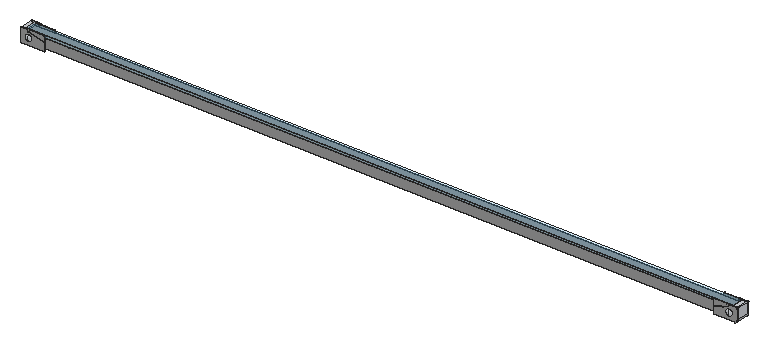
Revit family "LLED9150-F-4RF", category Lighting Fixtures, Revit 2017
Family settings
  Round Connector Dimension = Use Diameter
  Part Type = Normal
  OmniClass Number = 23.80.70.00
  OmniClass Title = Lighting
  Work Plane-Based = Yes
  Always vertical = Yes
  Cut with Voids When Loaded = No
  Light Source = No
  Shared = No
  Room Calculation Point = No
Parameters
  L = 24.000"
  Fixture cap = fixture cap
  Fixture = fixture
  Default Elevation = 2.60039"
  Bulb = Glass
Reference planes (in)
  plane 1 "Light Source Axis (F/B)": y = 0
  plane 2: z = 0
  plane 3 "Light Source Axis (L/R)": x = 0
  plane 4 "Light Source Elevation": z = 54
  plane 5: z = 0
  plane 6: x = 12
  plane 7: z = -0.46
  plane 8: y = -0.23
  plane 9: y = 0.23
  plane 10: z = -0.39
  plane 11: y = -0.195
  plane 12: y = 0.195
  plane 13: z = -0.23
  plane 14: x = -12
  plane 15: x = -11.19664
  plane 16: x = -11.85
  plane 17: x = 11.19664
  plane 18: x = 11.85
Forms (in)
  Revolve 1, solid, not visible
    sketch origin (-0.00118, 0, 6.68102) x (1, 0, 0) y (0, 0, 1)
      loop
        line (0, 1.27453) -> (0.22, 1.27453) -> (0.22, 1.98615) -> (0, 1.98615) -> (0, 1.27453)
      axis (0, 1.98615) -> (0, 1.27453)
    angle from 0 to 360
  Extrusion 2, solid, material "fixture cap" <- "Fixture cap", not visible
    sketch origin (-0.00118, -0.05736, 6.68102) x (1, 0, 0) y (0, 0, 1)
      loop
        line (0, 1.6939) -> (0.66, 1.6939) -> (0.66, 1.98615) -> (0, 1.98615) -> (-0.66, 1.98615) -> (-0.66, 1.6939) -> (0, 1.6939)
    from -0.23545 to 0.11965
  Extrusion 3, void, not visible
    sketch origin (-0.00118, 0, 6.68102) x (1, 0, 0) y (0, 0, 1)
      loop
        arc (-0.66, 1.6939) -> (-0.58698, 1.88163) -> (-0.41477, 1.98615) r 0.31341
        line (-0.41477, 1.98615) -> (-0.66, 1.98615) -> (-0.66, 1.6939)
      loop
        line (0.66, 1.6939) -> (0.66, 1.98615) -> (0.41477, 1.98615)
        arc (0.41477, 1.98615) -> (0.58698, 1.88163) -> (0.66, 1.6939) r 0.31341
    from -0.17809 to 0.17701
  Blend 4, solid, not visible
    base sketch origin (-0.00118, 0, 7.13918) x (1, 0, 0) y (0, 1, 0)
      loop
        circle (0, 0) r 0.57599
    top sketch origin (-0.00118, 0, 7.13918) x (1, 0, 0) y (0, 1, 0)
      loop
        circle (0, 0) r 0.42
    from -0.52219 to 0.72781
  Blend 5, solid, not visible
    base sketch origin (-0.00118, 0, 6.68102) x (1, 0, 0) y (0, 1, 0)
      loop
        circle (0, 0) r 0.42
    top sketch origin (-0.00118, 0, 6.68102) x (1, 0, 0) y (0, 1, 0)
      loop
        circle (0, 0) r 0.22
    from 1.18597 to 1.27148
  Extrusion 6, void, not visible
    sketch origin (0.0069, 0, 6.93102) x (1, 0, 0) y (0, 1, 0)
      loop
        arc (-0.54002, 0.08041) -> (-0.58407, 0) -> (-0.54002, -0.08041) r 0.09541
        line (-0.54002, -0.08041) -> (-0.19879, -0.08041)
        arc (-0.19879, -0.08041) -> (-0.00676, -0.19306) -> (0.18528, -0.08041) r 0.22
        line (0.18528, -0.08041) -> (0.54002, -0.08041)
        arc (0.54002, -0.08041) -> (0.58407, 0) -> (0.54002, 0.08041) r 0.09541
        line (0.54002, 0.08041) -> (0.18542, 0.08041)
        arc (0.18542, 0.08041) -> (-0.00739, 0.19447) -> (-0.2002, 0.08041) r 0.22
        line (-0.2002, 0.08041) -> (-0.54002, 0.08041)
    from 1.43764 to 1.77364
  Revolve 7, solid, not visible
    sketch origin (-0.00118, 0, 4.43877) x (1, 0, 0) y (0, 0, 1)
      loop
        line (0, 2.17822) -> (0, 1.78225) -> (0.66857, 1.78225) -> (0.49227, 2.17822) -> (0, 2.17822)
      axis (0, 2.17822) -> (0, 1.78225)
    angle from 0 to 360
  Revolve 8, solid, not visible
    sketch origin (-0.00118, 0, 6.68102) x (1, 0, 0) y (0, 0, -1)
      loop
        line (0, -1.27453) -> (0, -1.98615) -> (0.22, -1.98615) -> (0.22, -1.27453) -> (0, -1.27453)
      axis (0, -1.98615) -> (0, -1.27453)
    angle from 0 to 360
  Extrusion 9, solid, material "fixture cap" <- "Fixture cap", not visible
    sketch origin (-0.00118, 0.05736, 6.68102) x (1, 0, 0) y (0, 0, -1)
      loop
        line (0, -0.68597) -> (-0.66, -0.68597) -> (-0.66, -1.98615) -> (0, -1.98615) -> (0.66, -1.98615) -> (0.66, -0.68597) -> (0, -0.68597)
    from -0.23545 to 0.11965
  Extrusion 10, void, not visible
    sketch origin (-0.00118, 0, 6.68102) x (1, 0, 0) y (0, 0, -1)
      loop
        line (-0.66, -1.6939) -> (-0.66, -1.98615) -> (-0.41477, -1.98615)
        arc (-0.41477, -1.98615) -> (-0.58698, -1.88163) -> (-0.66, -1.6939) r 0.31341
      loop
        arc (0.66, -1.6939) -> (0.58698, -1.88163) -> (0.41477, -1.98615) r 0.31341
        line (0.41477, -1.98615) -> (0.66, -1.98615) -> (0.66, -1.6939)
    from -0.17809 to 0.17701
  Blend 11, solid, not visible
    base sketch origin (-0.00118, 0, 6.68102) x (1, 0, 0) y (0, 1, 0)
      loop
        circle (0, 0) r 0.42
    top sketch origin (-0.00118, 0, 6.68102) x (1, 0, 0) y (0, 1, 0)
      loop
        circle (0, 0) r 0.22
    from 1.18597 to 1.27148
  Extrusion 12, void, not visible
    sketch origin (0.0069, 0, 6.93102) x (1, 0, 0) y (0, 1, 0)
      loop
        line (-0.54002, -0.08041) -> (-0.2002, -0.08041)
        arc (-0.2002, -0.08041) -> (-0.00739, -0.19447) -> (0.18542, -0.08041) r 0.22
        line (0.18542, -0.08041) -> (0.54002, -0.08041)
        arc (0.54002, -0.08041) -> (0.58407, 0) -> (0.54002, 0.08041) r 0.09541
        line (0.54002, 0.08041) -> (0.18528, 0.08041)
        arc (0.18528, 0.08041) -> (-0.00676, 0.19306) -> (-0.19879, 0.08041) r 0.22
        line (-0.19879, 0.08041) -> (-0.54002, 0.08041)
        arc (-0.54002, 0.08041) -> (-0.58407, 0) -> (-0.54002, -0.08041) r 0.09541
    from 1.43764 to 1.77364
  Extrusion 13, void, not visible
    sketch origin (-0.00118, 0, 6.83727) x (1, 0, 0) y (0, 0, -1)
      loop
        line (-0.50265, -1.4876) -> (-0.3469, -1.4876)
        arc (-0.3469, -1.4876) -> (-0.42478, -1.34712) -> (-0.50265, -1.4876) r 0.09183
      loop
        arc (0.50265, -1.4876) -> (0.42478, -1.34712) -> (0.3469, -1.4876) r 0.09183
        line (0.3469, -1.4876) -> (0.50265, -1.4876)
    from -0.22339 to 0.22501
  Extrusion 14, solid, not visible
    sketch origin (-0.00049, 0, 6.93102) x (1, 0, 0) y (0, 1, 0)
      loop
        line (-0.03443, 0) -> (-0.03443, -0.08951)
        arc (-0.03443, -0.08951) -> (-0.02214, -0.11039) -> (0, -0.12025) r 0.03974
        arc (0, -0.12025) -> (0.02214, -0.11039) -> (0.03443, -0.08951) r 0.03974
        line (0.03443, -0.08951) -> (0.03443, 0) -> (0.03443, 0.08951)
        arc (0.03443, 0.08951) -> (0.02214, 0.11039) -> (0, 0.12025) r 0.03974
        arc (0, 0.12025) -> (-0.02214, 0.11039) -> (-0.03443, 0.08951) r 0.03974
        line (-0.03443, 0.08951) -> (-0.03443, 0)
    from 1.43764 to 1.50249
  Extrusion 15, solid, material "fixture" <- "Fixture"
    sketch origin (-12, -1.25685, 0.38236) x (0, 0, 1) y (0, -1, 0)
      loop
        line (-0.77236, -1.45185) -> (-0.45846, -1.45185) -> (-0.45846, -1.06185) -> (-0.77236, -1.06185) -> (-0.77236, -1.45185)
    from 0.15 to 23.85
  Extrusion 16, solid, material "fixture cap" <- "Fixture cap"
    sketch origin (12.15, 0.195, -0.0368) x (0, 0, -1) y (-1, 0, 0)
      loop
        line (0.33713, 24.15) -> (-0.01665, 24.15)
        arc (-0.01665, 24.15) -> (-0.0309, 24.1441) -> (-0.0368, 24.12985) r 0.02015
        line (-0.0368, 24.12985) -> (-0.0368, 23.91358)
        arc (-0.0368, 23.91358) -> (-0.02841, 23.89332) -> (-0.00815, 23.88493) r 0.02866
        line (-0.00815, 23.88493) -> (0.02494, 23.88493) -> (0.16918, 23.34664) -> (0.4232, 23.34664) -> (0.4232, 24.06393)
        arc (0.4232, 24.06393) -> (0.39799, 24.12479) -> (0.33713, 24.15) r 0.08607
    from 0 to 0.035
  Extrusion 17, solid, material "fixture cap" <- "Fixture cap"
    sketch origin (12.15, -0.195, -0.0368) x (0, 0, -1) y (1, 0, 0)
      loop
        arc (0.33713, -24.15) -> (0.39799, -24.12479) -> (0.4232, -24.06393) r 0.08607
        line (0.4232, -24.06393) -> (0.4232, -23.34664) -> (0.16918, -23.34664) -> (0.02494, -23.88493) -> (-0.00815, -23.88493)
        arc (-0.00815, -23.88493) -> (-0.02841, -23.89332) -> (-0.0368, -23.91358) r 0.02866
        line (-0.0368, -23.91358) -> (-0.0368, -24.12985)
        arc (-0.0368, -24.12985) -> (-0.0309, -24.1441) -> (-0.01665, -24.15) r 0.02015
        line (-0.01665, -24.15) -> (0.33713, -24.15)
    from 0 to 0.035
  Extrusion 18, solid, material "fixture cap" <- "Fixture cap"
    sketch origin (12.16507, 0.195, 0.05565) x (0, 0, -1) y (-1, 0, 0)
      loop
        line (0.26163, 23.36171) -> (0.12086, 23.88708) -> (0.07887, 23.88708)
        arc (0.07887, 23.88708) -> (0.06394, 23.8809) -> (0.05775, 23.86596) r 0.02112
        line (0.05775, 23.86596) -> (0.05775, 23.38687)
        arc (0.05775, 23.38687) -> (0.06512, 23.36908) -> (0.08291, 23.36171) r 0.02516
        line (0.08291, 23.36171) -> (0.26163, 23.36171)
    from 0 to 0.01906
  Extrusion 19, solid, material "fixture cap" <- "Fixture cap"
    sketch origin (12.16507, -0.195, 0.05565) x (0, 0, -1) y (1, 0, 0)
      loop
        line (0.26163, -23.36171) -> (0.08291, -23.36171)
        arc (0.08291, -23.36171) -> (0.06512, -23.36908) -> (0.05775, -23.38687) r 0.02516
        line (0.05775, -23.38687) -> (0.05775, -23.86596)
        arc (0.05775, -23.86596) -> (0.06394, -23.8809) -> (0.07887, -23.88708) r 0.02112
        line (0.07887, -23.88708) -> (0.12086, -23.88708) -> (0.26163, -23.36171)
    from 0 to 0.01906
  Extrusion 20, solid, material "fixture cap" <- "Fixture cap"
    sketch origin (12.15, -0.195, -0.0368) x (0, 0, -1) y (1, 0, 0)
      loop
        arc (0.33713, -24.15) -> (0.39799, -24.12479) -> (0.4232, -24.06393) r 0.08607
        line (0.4232, -24.06393) -> (0.4232, -23.34664) -> (0.16918, -23.34664) -> (0.02494, -23.88493) -> (-0.00815, -23.88493)
        arc (-0.00815, -23.88493) -> (-0.02841, -23.89332) -> (-0.0368, -23.91358) r 0.02866
        line (-0.0368, -23.91358) -> (-0.0368, -24.12985)
        arc (-0.0368, -24.12985) -> (-0.0309, -24.1441) -> (-0.01665, -24.15) r 0.02015
        line (-0.01665, -24.15) -> (0.33713, -24.15)
    from 0 to 0.035
  Revolve 21, solid
    sketch origin (-11.72644, 0, -0.00412) x (0, 1, 0) y (0, 0, 1)
      loop
        line (0.23, -0.23) -> (0.26093, -0.23)
        arc (0.26093, -0.23) -> (0.24973, -0.18056) -> (0.23, -0.13386) r 0.28661
        line (0.23, -0.13386) -> (0.23, -0.23)
      axis (0.23, -0.23) -> (0.26937, -0.23)
    angle from 0 to 360
  Extrusion 22, solid, material "fixture cap" <- "Fixture cap", not visible
    sketch origin (-12, -1.25685, -0.83517) x (0, 0, -1) y (0, -1, 0)
      loop
        line (-0.83517, -1.06185) -> (-0.83517, -1.45185) -> (-0.37517, -1.45185) -> (-0.37517, -1.06185) -> (-0.83517, -1.06185)
    from 0 to 0.15
  Extrusion 23, solid, material "fixture cap" <- "Fixture cap", not visible
    sketch origin (12, 0.195, -0.0368) x (0, 0, -1) y (-1, 0, 0)
      loop
        line (0.33713, 24.15) -> (-0.01665, 24.15)
        arc (-0.01665, 24.15) -> (-0.0309, 24.1441) -> (-0.0368, 24.12985) r 0.02015
        line (-0.0368, 24.12985) -> (-0.0368, 23.91358)
        arc (-0.0368, 23.91358) -> (-0.02841, 23.89332) -> (-0.00815, 23.88493) r 0.02866
        line (-0.00815, 23.88493) -> (0.02494, 23.88493) -> (0.16918, 23.34664) -> (0.4232, 23.34664) -> (0.4232, 24.06393)
        arc (0.4232, 24.06393) -> (0.39799, 24.12479) -> (0.33713, 24.15) r 0.08607
    from 0 to 0.035
  Extrusion 24, solid, material "fixture cap" <- "Fixture cap", not visible
    sketch origin (12, -0.195, -0.0368) x (0, 0, -1) y (1, 0, 0)
      loop
        arc (0.33713, -24.15) -> (0.39799, -24.12479) -> (0.4232, -24.06393) r 0.08607
        line (0.4232, -24.06393) -> (0.4232, -23.34664) -> (0.16918, -23.34664) -> (0.02494, -23.88493) -> (-0.00815, -23.88493)
        arc (-0.00815, -23.88493) -> (-0.02841, -23.89332) -> (-0.0368, -23.91358) r 0.02866
        line (-0.0368, -23.91358) -> (-0.0368, -24.12985)
        arc (-0.0368, -24.12985) -> (-0.0309, -24.1441) -> (-0.01665, -24.15) r 0.02015
        line (-0.01665, -24.15) -> (0.33713, -24.15)
    from 0 to 0.035
  Extrusion 25, solid, material "fixture cap" <- "Fixture cap", not visible
    sketch origin (12.01507, 0.195, 0.05565) x (0, 0, -1) y (-1, 0, 0)
      loop
        line (0.26163, 23.36171) -> (0.12086, 23.88708) -> (0.07887, 23.88708)
        arc (0.07887, 23.88708) -> (0.06394, 23.8809) -> (0.05775, 23.86596) r 0.02112
        line (0.05775, 23.86596) -> (0.05775, 23.38687)
        arc (0.05775, 23.38687) -> (0.06512, 23.36908) -> (0.08291, 23.36171) r 0.02516
        line (0.08291, 23.36171) -> (0.26163, 23.36171)
    from 0 to 0.01906
  Extrusion 26, solid, material "fixture cap" <- "Fixture cap", not visible
    sketch origin (12.01507, -0.195, 0.05565) x (0, 0, -1) y (1, 0, 0)
      loop
        line (0.26163, -23.36171) -> (0.08291, -23.36171)
        arc (0.08291, -23.36171) -> (0.06512, -23.36908) -> (0.05775, -23.38687) r 0.02516
        line (0.05775, -23.38687) -> (0.05775, -23.86596)
        arc (0.05775, -23.86596) -> (0.06394, -23.8809) -> (0.07887, -23.88708) r 0.02112
        line (0.07887, -23.88708) -> (0.12086, -23.88708) -> (0.26163, -23.36171)
    from 0 to 0.01906
  Extrusion 27, solid, material "fixture cap" <- "Fixture cap", not visible
    sketch origin (12, -0.195, -0.0368) x (0, 0, -1) y (1, 0, 0)
      loop
        arc (0.33713, -24.15) -> (0.39799, -24.12479) -> (0.4232, -24.06393) r 0.08607
        line (0.4232, -24.06393) -> (0.4232, -23.34664) -> (0.16918, -23.34664) -> (0.02494, -23.88493) -> (-0.00815, -23.88493)
        arc (-0.00815, -23.88493) -> (-0.02841, -23.89332) -> (-0.0368, -23.91358) r 0.02866
        line (-0.0368, -23.91358) -> (-0.0368, -24.12985)
        arc (-0.0368, -24.12985) -> (-0.0309, -24.1441) -> (-0.01665, -24.15) r 0.02015
        line (-0.01665, -24.15) -> (0.33713, -24.15)
    from 0 to 0.035
  Extrusion 28, void, not visible
    sketch origin (0, 0, 0) x (-1, 0, 0) y (0, 0, -1)
      loop
        arc (12.06393, 0.46) -> (12.12479, 0.43479) -> (12.15, 0.37393) r 0.08607
        line (12.15, 0.37393) -> (12.15, 0.46) -> (12.06393, 0.46)
    from -0.23 to 0.23
  Extrusion 29, void, not visible
    sketch origin (0, 0, 0) x (1, 0, 0) y (0, 0, 1)
      loop
        line (12.06393, -0.46) -> (12.15, -0.46) -> (12.15, -0.37393)
        arc (12.15, -0.37393) -> (12.12479, -0.43479) -> (12.06393, -0.46) r 0.08607
    from -0.23 to 0.23
  Revolve 30, solid, not visible
    sketch origin (-11.87644, 0, -0.00412) x (0, 1, 0) y (0, 0, 1)
      loop
        line (0.23, -0.23) -> (0.26093, -0.23)
        arc (0.26093, -0.23) -> (0.24973, -0.18056) -> (0.23, -0.13386) r 0.28661
        line (0.23, -0.13386) -> (0.23, -0.23)
      axis (0.23, -0.23) -> (0.26937, -0.23)
    angle from 0 to 360
  Revolve 31, solid
    sketch origin (-11.72644, 0, -0.00412) x (0, -1, 0) y (0, 0, -1)
      loop
        line (0.23, 0.23) -> (0.23, 0.13386)
        arc (0.23, 0.13386) -> (0.24973, 0.18056) -> (0.26093, 0.23) r 0.28661
        line (0.26093, 0.23) -> (0.23, 0.23)
      axis (0.23, 0.23) -> (0.26937, 0.23)
    angle from 0 to 360
  Revolve 32, solid, not visible
    sketch origin (-11.87644, 0, -0.00412) x (0, -1, 0) y (0, 0, -1)
      loop
        line (0.23, 0.23) -> (0.23, 0.13386)
        arc (0.23, 0.13386) -> (0.24973, 0.18056) -> (0.26093, 0.23) r 0.28661
        line (0.26093, 0.23) -> (0.23, 0.23)
      axis (0.23, 0.23) -> (0.26937, 0.23)
    angle from 0 to 360
  Extrusion 33, solid, material "fixture cap" <- "Fixture cap", not visible
    sketch origin (12, -1.25685, -0.83517) x (0, 0, -1) y (0, 1, 0)
      loop
        line (-0.83517, 1.02685) -> (-0.37517, 1.02685) -> (-0.37517, 1.48685) -> (-0.83517, 1.48685) -> (-0.83517, 1.02685)
    from 0 to 0.15
  Extrusion 34, solid, material "fixture cap" <- "Fixture cap", not visible
    sketch origin (-12, -0.195, -0.0368) x (0, 0, -1) y (1, 0, 0)
      loop
        line (0.33713, 24.15) -> (-0.01665, 24.15)
        arc (-0.01665, 24.15) -> (-0.0309, 24.1441) -> (-0.0368, 24.12985) r 0.02015
        line (-0.0368, 24.12985) -> (-0.0368, 23.91358)
        arc (-0.0368, 23.91358) -> (-0.02841, 23.89332) -> (-0.00815, 23.88493) r 0.02866
        line (-0.00815, 23.88493) -> (0.02494, 23.88493) -> (0.16918, 23.34664) -> (0.4232, 23.34664) -> (0.4232, 24.06393)
        arc (0.4232, 24.06393) -> (0.39799, 24.12479) -> (0.33713, 24.15) r 0.08607
    from 0 to 0.035
  Extrusion 35, solid, material "fixture cap" <- "Fixture cap", not visible
    sketch origin (-12, 0.195, -0.0368) x (0, 0, -1) y (-1, 0, 0)
      loop
        arc (0.33713, -24.15) -> (0.39799, -24.12479) -> (0.4232, -24.06393) r 0.08607
        line (0.4232, -24.06393) -> (0.4232, -23.34664) -> (0.16918, -23.34664) -> (0.02494, -23.88493) -> (-0.00815, -23.88493)
        arc (-0.00815, -23.88493) -> (-0.02841, -23.89332) -> (-0.0368, -23.91358) r 0.02866
        line (-0.0368, -23.91358) -> (-0.0368, -24.12985)
        arc (-0.0368, -24.12985) -> (-0.0309, -24.1441) -> (-0.01665, -24.15) r 0.02015
        line (-0.01665, -24.15) -> (0.33713, -24.15)
    from 0 to 0.035
  Extrusion 36, solid, material "fixture cap" <- "Fixture cap", not visible
    sketch origin (-12.01507, 0.195, 0.05565) x (0, 0, -1) y (-1, 0, 0)
      loop
        line (0.26163, -23.36171) -> (0.08291, -23.36171)
        arc (0.08291, -23.36171) -> (0.06512, -23.36908) -> (0.05775, -23.38687) r 0.02516
        line (0.05775, -23.38687) -> (0.05775, -23.86596)
        arc (0.05775, -23.86596) -> (0.06394, -23.8809) -> (0.07887, -23.88708) r 0.02112
        line (0.07887, -23.88708) -> (0.12086, -23.88708) -> (0.26163, -23.36171)
    from 0 to 0.01906
  Extrusion 37, solid, material "fixture cap" <- "Fixture cap", not visible
    sketch origin (-12.01507, -0.195, 0.05565) x (0, 0, -1) y (1, 0, 0)
      loop
        line (0.26163, 23.36171) -> (0.12086, 23.88708) -> (0.07887, 23.88708)
        arc (0.07887, 23.88708) -> (0.06394, 23.8809) -> (0.05775, 23.86596) r 0.02112
        line (0.05775, 23.86596) -> (0.05775, 23.38687)
        arc (0.05775, 23.38687) -> (0.06512, 23.36908) -> (0.08291, 23.36171) r 0.02516
        line (0.08291, 23.36171) -> (0.26163, 23.36171)
    from 0 to 0.01906
  Extrusion 38, void, not visible
    sketch origin (0, 0, 0) x (-1, 0, 0) y (0, 0, -1)
      loop
        arc (12.06393, 0.46) -> (12.12479, 0.43479) -> (12.15, 0.37393) r 0.08607
        line (12.15, 0.37393) -> (12.15, 0.46) -> (12.06393, 0.46)
    from -0.23 to 0.23
  Extrusion 39, void, not visible
    sketch origin (0, 0, 0) x (1, 0, 0) y (0, 0, 1)
      loop
        line (12.06393, -0.46) -> (12.15, -0.46) -> (12.15, -0.37393)
        arc (12.15, -0.37393) -> (12.12479, -0.43479) -> (12.06393, -0.46) r 0.08607
    from -0.23 to 0.23
  Revolve 40, solid, not visible
    sketch origin (11.87644, 0, -0.00412) x (0, -1, 0) y (0, 0, 1)
      loop
        line (0.23, -0.23) -> (0.26093, -0.23)
        arc (0.26093, -0.23) -> (0.24973, -0.18056) -> (0.23, -0.13386) r 0.28661
        line (0.23, -0.13386) -> (0.23, -0.23)
      axis (0.23, -0.23) -> (0.26937, -0.23)
    angle from 0 to 360
  Revolve 41, solid, not visible
    sketch origin (11.87644, 0, -0.00412) x (0, 1, 0) y (0, 0, -1)
      loop
        line (0.23, 0.23) -> (0.23, 0.13386)
        arc (0.23, 0.13386) -> (0.24973, 0.18056) -> (0.26093, 0.23) r 0.28661
        line (0.26093, 0.23) -> (0.23, 0.23)
      axis (0.23, 0.23) -> (0.26937, 0.23)
    angle from 0 to 360
  Extrusion 42, solid, material "fixture cap" <- "Fixture cap", not visible
    sketch origin (-12.15, -0.195, -0.0368) x (0, 0, -1) y (1, 0, 0)
      loop
        arc (0.33713, 0) -> (0.39799, 0.02521) -> (0.4232, 0.08607) r 0.08607
        line (0.4232, 0.08607) -> (0.4232, 0.80336) -> (0.16918, 0.80336) -> (0.02494, 0.26507) -> (-0.00815, 0.26507)
        arc (-0.00815, 0.26507) -> (-0.02841, 0.25668) -> (-0.0368, 0.23642) r 0.02866
        line (-0.0368, 0.23642) -> (-0.0368, 0.02015)
        arc (-0.0368, 0.02015) -> (-0.0309, 0.0059) -> (-0.01665, 0) r 0.02015
        line (-0.01665, 0) -> (0.33713, 0)
    from 0 to 0.035
  Extrusion 43, solid, material "fixture cap" <- "Fixture cap", not visible
    sketch origin (-12.15, 0.195, -0.0368) x (0, 0, -1) y (-1, 0, 0)
      loop
        line (0.33713, 0) -> (-0.01665, 0)
        arc (-0.01665, 0) -> (-0.0309, -0.0059) -> (-0.0368, -0.02015) r 0.02015
        line (-0.0368, -0.02015) -> (-0.0368, -0.23642)
        arc (-0.0368, -0.23642) -> (-0.02841, -0.25668) -> (-0.00815, -0.26507) r 0.02866
        line (-0.00815, -0.26507) -> (0.02494, -0.26507) -> (0.16918, -0.80336) -> (0.4232, -0.80336) -> (0.4232, -0.08607)
        arc (0.4232, -0.08607) -> (0.39799, -0.02521) -> (0.33713, 0) r 0.08607
    from 0 to 0.035
  Extrusion 44, solid, material "fixture cap" <- "Fixture cap", not visible
    sketch origin (12, -0.195, -0.0368) x (0, 0, -1) y (1, 0, 0)
      loop
        arc (0.33713, -24.15) -> (0.39799, -24.12479) -> (0.4232, -24.06393) r 0.08607
        line (0.4232, -24.06393) -> (0.4232, -23.34664) -> (0.16918, -23.34664) -> (0.02494, -23.88493) -> (-0.00815, -23.88493)
        arc (-0.00815, -23.88493) -> (-0.02841, -23.89332) -> (-0.0368, -23.91358) r 0.02866
        line (-0.0368, -23.91358) -> (-0.0368, -24.12985)
        arc (-0.0368, -24.12985) -> (-0.0309, -24.1441) -> (-0.01665, -24.15) r 0.02015
        line (-0.01665, -24.15) -> (0.33713, -24.15)
    from 0 to 0.035
  Revolve 45, solid, not visible
    sketch origin (11.72644, 0, -0.00412) x (0, -1, 0) y (0, 0, 1)
      loop
        line (-0.23, -0.23) -> (-0.23, -0.13386)
        arc (-0.23, -0.13386) -> (-0.24973, -0.18056) -> (-0.26093, -0.23) r 0.28661
        line (-0.26093, -0.23) -> (-0.23, -0.23)
      axis (-0.23, -0.23) -> (-0.26937, -0.23)
    angle from 0 to 360
  Revolve 46, solid, not visible
    sketch origin (11.72644, 0, -0.00412) x (0, 1, 0) y (0, 0, -1)
      loop
        line (-0.23, 0.23) -> (-0.26093, 0.23)
        arc (-0.26093, 0.23) -> (-0.24973, 0.18056) -> (-0.23, 0.13386) r 0.28661
        line (-0.23, 0.13386) -> (-0.23, 0.23)
      axis (-0.23, 0.23) -> (-0.26937, 0.23)
    angle from 0 to 360
  Extrusion 47, solid, material "fixture cap" <- "Fixture cap", not visible
    sketch origin (12, -1.25685, -0.83517) x (0, 0, -1) y (0, 1, 0)
      loop
        line (-0.83517, 1.02685) -> (-0.37517, 1.02685) -> (-0.37517, 1.48685) -> (-0.83517, 1.48685) -> (-0.83517, 1.02685)
    from 0 to 0.15
  Extrusion 48, solid, material "fixture cap" <- "Fixture cap", not visible
    sketch origin (-12, -0.195, -0.0368) x (0, 0, -1) y (1, 0, 0)
      loop
        line (0.33713, 24.15) -> (-0.01665, 24.15)
        arc (-0.01665, 24.15) -> (-0.0309, 24.1441) -> (-0.0368, 24.12985) r 0.02015
        line (-0.0368, 24.12985) -> (-0.0368, 23.91358)
        arc (-0.0368, 23.91358) -> (-0.02841, 23.89332) -> (-0.00815, 23.88493) r 0.02866
        line (-0.00815, 23.88493) -> (0.02494, 23.88493) -> (0.16918, 23.34664) -> (0.4232, 23.34664) -> (0.4232, 24.06393)
        arc (0.4232, 24.06393) -> (0.39799, 24.12479) -> (0.33713, 24.15) r 0.08607
    from 0 to 0.035
  Extrusion 49, solid, material "fixture cap" <- "Fixture cap", not visible
    sketch origin (-12, 0.195, -0.0368) x (0, 0, -1) y (-1, 0, 0)
      loop
        arc (0.33713, -24.15) -> (0.39799, -24.12479) -> (0.4232, -24.06393) r 0.08607
        line (0.4232, -24.06393) -> (0.4232, -23.34664) -> (0.16918, -23.34664) -> (0.02494, -23.88493) -> (-0.00815, -23.88493)
        arc (-0.00815, -23.88493) -> (-0.02841, -23.89332) -> (-0.0368, -23.91358) r 0.02866
        line (-0.0368, -23.91358) -> (-0.0368, -24.12985)
        arc (-0.0368, -24.12985) -> (-0.0309, -24.1441) -> (-0.01665, -24.15) r 0.02015
        line (-0.01665, -24.15) -> (0.33713, -24.15)
    from 0 to 0.035
  Extrusion 50, solid, material "fixture cap" <- "Fixture cap", not visible
    sketch origin (-12.01507, 0.195, 0.05565) x (0, 0, -1) y (-1, 0, 0)
      loop
        line (0.26163, -23.36171) -> (0.08291, -23.36171)
        arc (0.08291, -23.36171) -> (0.06512, -23.36908) -> (0.05775, -23.38687) r 0.02516
        line (0.05775, -23.38687) -> (0.05775, -23.86596)
        arc (0.05775, -23.86596) -> (0.06394, -23.8809) -> (0.07887, -23.88708) r 0.02112
        line (0.07887, -23.88708) -> (0.12086, -23.88708) -> (0.26163, -23.36171)
    from 0 to 0.01906
  Extrusion 51, solid, material "fixture cap" <- "Fixture cap", not visible
    sketch origin (-12.01507, -0.195, 0.05565) x (0, 0, -1) y (1, 0, 0)
      loop
        line (0.26163, 23.36171) -> (0.12086, 23.88708) -> (0.07887, 23.88708)
        arc (0.07887, 23.88708) -> (0.06394, 23.8809) -> (0.05775, 23.86596) r 0.02112
        line (0.05775, 23.86596) -> (0.05775, 23.38687)
        arc (0.05775, 23.38687) -> (0.06512, 23.36908) -> (0.08291, 23.36171) r 0.02516
        line (0.08291, 23.36171) -> (0.26163, 23.36171)
    from 0 to 0.01906
  Extrusion 52, void, not visible
    sketch origin (0, 0, 0) x (1, 0, 0) y (0, 0, 1)
      loop
        line (12.06393, -0.46) -> (12.15, -0.46) -> (12.15, -0.37393)
        arc (12.15, -0.37393) -> (12.12479, -0.43479) -> (12.06393, -0.46) r 0.08607
    from -0.23 to 0.23
  Revolve 53, solid, not visible
    sketch origin (11.87644, 0, -0.00412) x (0, -1, 0) y (0, 0, 1)
      loop
        line (0.23, -0.23) -> (0.26093, -0.23)
        arc (0.26093, -0.23) -> (0.24973, -0.18056) -> (0.23, -0.13386) r 0.28661
        line (0.23, -0.13386) -> (0.23, -0.23)
      axis (0.23, -0.23) -> (0.26937, -0.23)
    angle from 0 to 360
  Revolve 54, solid, not visible
    sketch origin (11.87644, 0, -0.00412) x (0, 1, 0) y (0, 0, -1)
      loop
        line (0.23, 0.23) -> (0.23, 0.13386)
        arc (0.23, 0.13386) -> (0.24973, 0.18056) -> (0.26093, 0.23) r 0.28661
        line (0.26093, 0.23) -> (0.23, 0.23)
      axis (0.23, 0.23) -> (0.26937, 0.23)
    angle from 0 to 360
  Extrusion 55, solid, material "fixture cap" <- "Fixture cap", not visible
    sketch origin (-12.16507, -0.195, 0.05565) x (0, 0, -1) y (1, 0, 0)
      loop
        line (0.26163, 0.81844) -> (0.08291, 0.81844)
        arc (0.08291, 0.81844) -> (0.06512, 0.81107) -> (0.05775, 0.79327) r 0.02516
        line (0.05775, 0.79327) -> (0.05775, 0.31418)
        arc (0.05775, 0.31418) -> (0.06394, 0.29925) -> (0.07887, 0.29306) r 0.02112
        line (0.07887, 0.29306) -> (0.12086, 0.29306) -> (0.26163, 0.81844)
    from 0 to 0.01906
  Extrusion 56, solid, material "fixture cap" <- "Fixture cap", not visible
    sketch origin (12.01507, -0.195, 0.05565) x (0, 0, -1) y (1, 0, 0)
      loop
        line (0.26163, -23.36171) -> (0.08291, -23.36171)
        arc (0.08291, -23.36171) -> (0.06512, -23.36908) -> (0.05775, -23.38687) r 0.02516
        line (0.05775, -23.38687) -> (0.05775, -23.86596)
        arc (0.05775, -23.86596) -> (0.06394, -23.8809) -> (0.07887, -23.88708) r 0.02112
        line (0.07887, -23.88708) -> (0.12086, -23.88708) -> (0.26163, -23.36171)
    from 0 to 0.01906
  Extrusion 57, solid, material "fixture cap" <- "Fixture cap"
    sketch origin (-12.15, -0.195, -0.0368) x (0, 0, -1) y (1, 0, 0)
      loop
        line (0.33713, 24.15) -> (-0.01665, 24.15)
        arc (-0.01665, 24.15) -> (-0.0309, 24.1441) -> (-0.0368, 24.12985) r 0.02015
        line (-0.0368, 24.12985) -> (-0.0368, 23.91358)
        arc (-0.0368, 23.91358) -> (-0.02841, 23.89332) -> (-0.00815, 23.88493) r 0.02866
        line (-0.00815, 23.88493) -> (0.02494, 23.88493) -> (0.16918, 23.34664) -> (0.4232, 23.34664) -> (0.4232, 24.06393)
        arc (0.4232, 24.06393) -> (0.39799, 24.12479) -> (0.33713, 24.15) r 0.08607
    from 0 to 0.035
  Extrusion 58, solid, material "fixture cap" <- "Fixture cap"
    sketch origin (-12.15, 0.195, -0.0368) x (0, 0, -1) y (-1, 0, 0)
      loop
        arc (0.33713, -24.15) -> (0.39799, -24.12479) -> (0.4232, -24.06393) r 0.08607
        line (0.4232, -24.06393) -> (0.4232, -23.34664) -> (0.16918, -23.34664) -> (0.02494, -23.88493) -> (-0.00815, -23.88493)
        arc (-0.00815, -23.88493) -> (-0.02841, -23.89332) -> (-0.0368, -23.91358) r 0.02866
        line (-0.0368, -23.91358) -> (-0.0368, -24.12985)
        arc (-0.0368, -24.12985) -> (-0.0309, -24.1441) -> (-0.01665, -24.15) r 0.02015
        line (-0.01665, -24.15) -> (0.33713, -24.15)
    from 0 to 0.035
  Extrusion 59, solid, material "fixture cap" <- "Fixture cap"
    sketch origin (-12.16507, -0.195, 0.05565) x (0, 0, -1) y (1, 0, 0)
      loop
        line (0.26163, 23.36171) -> (0.12086, 23.88708) -> (0.07887, 23.88708)
        arc (0.07887, 23.88708) -> (0.06394, 23.8809) -> (0.05775, 23.86596) r 0.02112
        line (0.05775, 23.86596) -> (0.05775, 23.38687)
        arc (0.05775, 23.38687) -> (0.06512, 23.36908) -> (0.08291, 23.36171) r 0.02516
        line (0.08291, 23.36171) -> (0.26163, 23.36171)
    from 0 to 0.01906
  Extrusion 60, solid, material "fixture cap" <- "Fixture cap"
    sketch origin (-12.16507, 0.195, 0.05565) x (0, 0, -1) y (-1, 0, 0)
      loop
        line (0.26163, -23.36171) -> (0.08291, -23.36171)
        arc (0.08291, -23.36171) -> (0.06512, -23.36908) -> (0.05775, -23.38687) r 0.02516
        line (0.05775, -23.38687) -> (0.05775, -23.86596)
        arc (0.05775, -23.86596) -> (0.06394, -23.8809) -> (0.07887, -23.88708) r 0.02112
        line (0.07887, -23.88708) -> (0.12086, -23.88708) -> (0.26163, -23.36171)
    from 0 to 0.01906
  Extrusion 61, solid, material "fixture cap" <- "Fixture cap"
    sketch origin (-12.15, 0.195, -0.0368) x (0, 0, -1) y (-1, 0, 0)
      loop
        arc (0.33713, -24.15) -> (0.39799, -24.12479) -> (0.4232, -24.06393) r 0.08607
        line (0.4232, -24.06393) -> (0.4232, -23.34664) -> (0.16918, -23.34664) -> (0.02494, -23.88493) -> (-0.00815, -23.88493)
        arc (-0.00815, -23.88493) -> (-0.02841, -23.89332) -> (-0.0368, -23.91358) r 0.02866
        line (-0.0368, -23.91358) -> (-0.0368, -24.12985)
        arc (-0.0368, -24.12985) -> (-0.0309, -24.1441) -> (-0.01665, -24.15) r 0.02015
        line (-0.01665, -24.15) -> (0.33713, -24.15)
    from 0 to 0.035
  Revolve 62, solid
    sketch origin (11.72644, 0, -0.00412) x (0, -1, 0) y (0, 0, 1)
      loop
        line (-0.23, -0.23) -> (-0.23, -0.13386)
        arc (-0.23, -0.13386) -> (-0.24973, -0.18056) -> (-0.26093, -0.23) r 0.28661
        line (-0.26093, -0.23) -> (-0.23, -0.23)
      axis (-0.23, -0.23) -> (-0.26937, -0.23)
    angle from 0 to 360
  Revolve 63, solid
    sketch origin (11.72644, 0, -0.00412) x (0, 1, 0) y (0, 0, -1)
      loop
        line (-0.23, 0.23) -> (-0.26093, 0.23)
        arc (-0.26093, 0.23) -> (-0.24973, 0.18056) -> (-0.23, 0.13386) r 0.28661
        line (-0.23, 0.13386) -> (-0.23, 0.23)
      axis (-0.23, 0.23) -> (-0.26937, 0.23)
    angle from 0 to 360
  Extrusion 64, solid, material "Glass"
    sketch origin (0, 0, 0) x (1, 0, 0) y (0, 0, 1)
      loop
        line (-11.85, -0.00391) -> (-11.85, -0.0761) -> (11.85, -0.0761) -> (11.85, -0.00391) -> (-11.85, -0.00391)
    from -0.195 to 0.195
  Extrusion 65, solid
    sketch origin (-12, 0, 0) x (1, 0, 0) y (0, 0, 1)
      loop
        line (23.85, -0.425) -> (23.85, -0.46) -> (23.91393, -0.46)
        arc (23.91393, -0.46) -> (23.97479, -0.43479) -> (24, -0.37393) r 0.08607
        line (24, -0.37393) -> (24, -0.02015)
        arc (24, -0.02015) -> (23.9941, -0.0059) -> (23.97985, 0) r 0.02015
        line (23.97985, 0) -> (23.85, 0) -> (23.85, -0.04829) -> (23.85, -0.425)
    from -0.195 to 0.195
  Extrusion 66, solid
    sketch origin (12, 0, 0) x (-1, 0, 0) y (0, 0, 1)
      loop
        line (23.85, -0.425) -> (23.85, -0.46) -> (23.91393, -0.46)
        arc (23.91393, -0.46) -> (23.97479, -0.43479) -> (24, -0.37393) r 0.08607
        line (24, -0.37393) -> (24, -0.02015)
        arc (24, -0.02015) -> (23.9941, -0.0059) -> (23.97985, 0) r 0.02015
        line (23.97985, 0) -> (23.85, 0) -> (23.85, -0.04829) -> (23.85, -0.425)
    from -0.195 to 0.195
  Extrusion 67, solid, not visible
    sketch origin (11.85, 0, 0) x (-1, 0, 0) y (0, 0, 1)
      loop
        line (23.85, -0.425) -> (23.85, -0.46) -> (23.91393, -0.46)
        arc (23.91393, -0.46) -> (23.97479, -0.43479) -> (24, -0.37393) r 0.08607
        line (24, -0.37393) -> (24, -0.02015)
        arc (24, -0.02015) -> (23.9941, -0.0059) -> (23.97985, 0) r 0.02015
        line (23.97985, 0) -> (23.85, 0) -> (23.85, -0.04829) -> (23.85, -0.425)
    from -0.195 to 0.195
Dimensions and locks (in)
  plane 9 to plane 8 = 0.460"
  plane 14 to plane 6 = 24.000"
  plane 15 to plane 14 = 0.80336"
  equal spacing: plane 6, plane 3 "Light Source Axis (L/R)", plane 14
  locked: plane 17 to plane 6 at 0.80336
  locked: plane 15 to plane 14 at 0.80336
  locked: plane 6 to plane 18 at 0.15
  locked: plane 14 to plane 16 at 0.15
  "L": plane 6 to plane 14
  level to Extrusion 65 = 0.460"
  Extrusion 64 to Extrusion 15 = 0.38609"
  plane 10 to level = 0.390"
  aligned and locked: level to plane 2
  aligned and locked: Extrusion 16 to plane 9
  aligned and locked: Extrusion 16 to plane 12
  aligned and locked: plane 7 to Extrusion 16
  aligned and locked: level to Extrusion 16
  aligned and locked: plane 11 to Extrusion 17
  aligned and locked: Extrusion 17 to plane 8
  aligned and locked: plane 15 to Extrusion 19  (x7)
  aligned and locked: plane 15 to Extrusion 18
  aligned and locked: Extrusion 18 to Extrusion 19  (x6)
  aligned and locked: plane 15 to Extrusion 20
  aligned and locked: plane 15 to Extrusion 17
  aligned and locked: Extrusion 17 to Extrusion 20  (x2)
  aligned and locked: Extrusion 20 to Extrusion 19
  aligned and locked: Extrusion 17 to Extrusion 19
  aligned and locked: Extrusion 16 to Extrusion 20
  aligned and locked: Extrusion 60 to plane 17  (x6)
  aligned and locked: Extrusion 59 to plane 17
  aligned and locked: Extrusion 59 to Extrusion 60  (x6)
  aligned and locked: Extrusion 61 to plane 17
  aligned and locked: Extrusion 58 to plane 17
  aligned and locked: Extrusion 58 to Extrusion 61  (x2)
  aligned and locked: Extrusion 61 to Extrusion 60
  aligned and locked: Extrusion 58 to Extrusion 60
  aligned and locked: Extrusion 57 to Extrusion 61
  aligned and locked: Extrusion 20 to plane 14
  aligned and locked: plane 16 to Extrusion 15
  aligned and locked: plane 17 to Extrusion 57
  aligned and locked: Extrusion 57 to plane 6
  aligned and locked: Extrusion 17 to plane 14
  aligned and locked: Extrusion 15 to Extrusion 64
  aligned and locked: Extrusion 64 to Extrusion 15  (x2)
  aligned and locked: plane 12 to Extrusion 64
  aligned and locked: Extrusion 64 to plane 11
  aligned and locked: plane 12 to Extrusion 65
  aligned and locked: Extrusion 65 to plane 11
  aligned and locked: Extrusion 15 to plane 18
  aligned and locked: plane 10 to Extrusion 15
Automatic sketch dimensions
  Extrusion 15 sketch curve to plane 11 = 0.000"
  Extrusion 15 sketch curve to plane 12 = 0.000"
  Extrusion 15 sketch curve to plane 7 = 0.070"
  Extrusion 15 sketch curve to level = 0.0761"
  Extrusion 57 sketch curve to Extrusion 57 sketch curve = 0.02015"
  Extrusion 57 sketch curve to Extrusion 57 sketch curve = 0.02866"
  Extrusion 57 sketch curve to Extrusion 57 sketch curve = 0.03309"
  Extrusion 57 sketch curve to Extrusion 57 sketch curve = 0.14423"
  Extrusion 57 sketch curve to Extrusion 57 sketch curve = 0.35379"
  Extrusion 57 sketch curve to Extrusion 57 sketch curve = 0.08607"
  Extrusion 57 sketch curve to Extrusion 57 sketch curve = 0.53829"
  Extrusion 57 sketch curve to Extrusion 57 sketch curve = 0.17901"
  Extrusion 58 sketch curve to Extrusion 58 sketch curve = 0.02015"
  Extrusion 58 sketch curve to Extrusion 58 sketch curve = 0.02866"
  Extrusion 58 sketch curve to Extrusion 58 sketch curve = 0.03309"
  Extrusion 58 sketch curve to Extrusion 58 sketch curve = 0.14423"
  Extrusion 58 sketch curve to Extrusion 58 sketch curve = 0.35379"
  Extrusion 58 sketch curve to Extrusion 58 sketch curve = 0.08607"
  Extrusion 58 sketch curve to Extrusion 58 sketch curve = 0.21627"
  Extrusion 58 sketch curve to Extrusion 58 sketch curve = 0.53829"
  Extrusion 59 sketch curve to Extrusion 59 sketch curve = 0.02112"
  Extrusion 59 sketch curve to Extrusion 59 sketch curve = 0.02516"
  Extrusion 59 sketch curve to Extrusion 59 sketch curve = 0.04198"
  Extrusion 59 sketch curve to Extrusion 59 sketch curve = 0.17872"
  Extrusion 59 sketch curve to Extrusion 59 sketch curve = 0.47909"
  Extrusion 60 sketch curve to Extrusion 60 sketch curve = 0.02112"
  Extrusion 60 sketch curve to Extrusion 60 sketch curve = 0.02516"
  Extrusion 60 sketch curve to Extrusion 60 sketch curve = 0.04198"
  Extrusion 60 sketch curve to Extrusion 60 sketch curve = 0.17872"
  Extrusion 60 sketch curve to Extrusion 60 sketch curve = 0.47909"
  Extrusion 61 sketch curve to Extrusion 61 sketch curve = 0.02015"
  Extrusion 61 sketch curve to Extrusion 61 sketch curve = 0.02866"
  Extrusion 61 sketch curve to Extrusion 61 sketch curve = 0.03309"
  Extrusion 61 sketch curve to Extrusion 61 sketch curve = 0.14423"
  Extrusion 61 sketch curve to Extrusion 61 sketch curve = 0.35379"
  Extrusion 61 sketch curve to Extrusion 61 sketch curve = 0.08607"
  Extrusion 61 sketch curve to Extrusion 61 sketch curve = 0.21627"
  Extrusion 61 sketch curve to Extrusion 61 sketch curve = 0.53829"
  Revolve 62 sketch curve to Revolve 62 sketch curve = 0.03093"
  Revolve 62 sketch curve to Revolve 62 sketch curve = 0.2531"
  Revolve 62 sketch curve to Revolve 62 sketch curve = 0.03834"
  Revolve 62 sketch curve to Revolve 62 sketch curve = 0.02373"
  Revolve 62 sketch curve to Revolve 62 sketch curve = 0.000"  (x2)
  Revolve 63 sketch curve to Revolve 63 sketch curve = 0.03093"
  Revolve 63 sketch curve to Revolve 63 sketch curve = 0.2531"
  Revolve 63 sketch curve to Revolve 63 sketch curve = 0.09614"
  Revolve 63 sketch curve to Revolve 63 sketch curve = 0.02373"
  Revolve 63 sketch curve to Revolve 63 sketch curve = 0.000"  (x2)
  Extrusion 16 sketch curve to Extrusion 16 sketch curve = 0.02015"
  Extrusion 16 sketch curve to Extrusion 16 sketch curve = 0.02866"
  Extrusion 16 sketch curve to Extrusion 16 sketch curve = 0.03309"
  Extrusion 16 sketch curve to Extrusion 16 sketch curve = 0.14423"
  Extrusion 16 sketch curve to Extrusion 16 sketch curve = 0.35379"
  Extrusion 16 sketch curve to Extrusion 16 sketch curve = 0.08607"
  Extrusion 16 sketch curve to Extrusion 16 sketch curve = 0.53829"
  Extrusion 16 sketch curve to Extrusion 16 sketch curve = 0.17901"
  Extrusion 17 sketch curve to Extrusion 17 sketch curve = 0.02015"
  Extrusion 17 sketch curve to Extrusion 17 sketch curve = 0.02866"
  Extrusion 17 sketch curve to Extrusion 17 sketch curve = 0.03309"
  Extrusion 17 sketch curve to Extrusion 17 sketch curve = 0.14423"
  Extrusion 17 sketch curve to Extrusion 17 sketch curve = 0.35379"
  Extrusion 17 sketch curve to Extrusion 17 sketch curve = 0.08607"
  Extrusion 17 sketch curve to Extrusion 17 sketch curve = 0.21627"
  Extrusion 17 sketch curve to Extrusion 17 sketch curve = 0.53829"
  Extrusion 18 sketch curve to Extrusion 18 sketch curve = 0.02112"
  Extrusion 18 sketch curve to Extrusion 18 sketch curve = 0.02516"
  Extrusion 18 sketch curve to Extrusion 18 sketch curve = 0.04198"
  Extrusion 18 sketch curve to Extrusion 18 sketch curve = 0.17872"
  Extrusion 18 sketch curve to Extrusion 18 sketch curve = 0.47909"
  Extrusion 19 sketch curve to Extrusion 19 sketch curve = 0.02112"
  Extrusion 19 sketch curve to Extrusion 19 sketch curve = 0.02516"
  Extrusion 19 sketch curve to Extrusion 19 sketch curve = 0.04198"
  Extrusion 19 sketch curve to Extrusion 19 sketch curve = 0.17872"
  Extrusion 19 sketch curve to Extrusion 19 sketch curve = 0.47909"
  Extrusion 20 sketch curve to Extrusion 20 sketch curve = 0.02015"
  Extrusion 20 sketch curve to Extrusion 20 sketch curve = 0.02866"
  Extrusion 20 sketch curve to Extrusion 20 sketch curve = 0.03309"
  Extrusion 20 sketch curve to Extrusion 20 sketch curve = 0.14423"
  Extrusion 20 sketch curve to Extrusion 20 sketch curve = 0.35379"
  Extrusion 20 sketch curve to Extrusion 20 sketch curve = 0.08607"
  Extrusion 20 sketch curve to Extrusion 20 sketch curve = 0.21627"
  Extrusion 20 sketch curve to Extrusion 20 sketch curve = 0.53829"
  Revolve 21 sketch curve to Revolve 21 sketch curve = 0.03093"
  Revolve 21 sketch curve to Revolve 21 sketch curve = 0.2531"
  Revolve 21 sketch curve to Revolve 21 sketch curve = 0.03834"
  Revolve 21 sketch curve to Revolve 21 sketch curve = 0.02373"
  Revolve 21 sketch curve to Revolve 21 sketch curve = 0.000"  (x2)
  Revolve 31 sketch curve to Revolve 31 sketch curve = 0.03093"
  Revolve 31 sketch curve to Revolve 31 sketch curve = 0.2531"
  Revolve 31 sketch curve to Revolve 31 sketch curve = 0.09614"
  Revolve 31 sketch curve to Revolve 31 sketch curve = 0.02373"
  Revolve 31 sketch curve to Revolve 31 sketch curve = 0.000"  (x2)
  Extrusion 42 sketch curve to Extrusion 42 sketch curve = 0.02015"
  Extrusion 42 sketch curve to Extrusion 42 sketch curve = 0.02866"
  Extrusion 42 sketch curve to Extrusion 42 sketch curve = 0.03309"
  Extrusion 42 sketch curve to Extrusion 42 sketch curve = 0.14423"
  Extrusion 42 sketch curve to Extrusion 42 sketch curve = 0.35379"
  Extrusion 42 sketch curve to Extrusion 42 sketch curve = 0.08607"
  Extrusion 42 sketch curve to Extrusion 42 sketch curve = 0.53829"
  Extrusion 42 sketch curve to Extrusion 42 sketch curve = 0.17901"
  Extrusion 43 sketch curve to Extrusion 43 sketch curve = 0.02015"
  Extrusion 43 sketch curve to Extrusion 43 sketch curve = 0.02866"
  Extrusion 43 sketch curve to Extrusion 43 sketch curve = 0.03309"
  Extrusion 43 sketch curve to Extrusion 43 sketch curve = 0.14423"
  Extrusion 43 sketch curve to Extrusion 43 sketch curve = 0.35379"
  Extrusion 43 sketch curve to Extrusion 43 sketch curve = 0.08607"
  Extrusion 43 sketch curve to Extrusion 43 sketch curve = 0.21627"
  Extrusion 43 sketch curve to Extrusion 43 sketch curve = 0.53829"
  Extrusion 55 sketch curve to Extrusion 55 sketch curve = 0.02112"
  Extrusion 55 sketch curve to Extrusion 55 sketch curve = 0.02516"
  Extrusion 55 sketch curve to Extrusion 55 sketch curve = 0.04198"
  Extrusion 55 sketch curve to Extrusion 55 sketch curve = 0.17872"
  Extrusion 55 sketch curve to Extrusion 55 sketch curve = 0.47909"
  Extrusion 56 sketch curve to Extrusion 56 sketch curve = 0.02112"
  Extrusion 56 sketch curve to Extrusion 56 sketch curve = 0.02516"
  Extrusion 56 sketch curve to Extrusion 56 sketch curve = 0.04198"
  Extrusion 56 sketch curve to Extrusion 56 sketch curve = 0.17872"
  Extrusion 56 sketch curve to Extrusion 56 sketch curve = 0.47909"
  Extrusion 44 sketch curve to Extrusion 44 sketch curve = 0.02015"
  Extrusion 44 sketch curve to Extrusion 44 sketch curve = 0.02866"
  Extrusion 44 sketch curve to Extrusion 44 sketch curve = 0.03309"
  Extrusion 44 sketch curve to Extrusion 44 sketch curve = 0.14423"
  Extrusion 44 sketch curve to Extrusion 44 sketch curve = 0.35379"
  Extrusion 44 sketch curve to Extrusion 44 sketch curve = 0.08607"
  Extrusion 44 sketch curve to Extrusion 44 sketch curve = 0.21627"
  Extrusion 44 sketch curve to Extrusion 44 sketch curve = 0.53829"
  Revolve 45 sketch curve to Revolve 45 sketch curve = 0.03093"
  Revolve 45 sketch curve to Revolve 45 sketch curve = 0.2531"
  Revolve 45 sketch curve to Revolve 45 sketch curve = 0.03834"
  Revolve 45 sketch curve to Revolve 45 sketch curve = 0.02373"
  Revolve 45 sketch curve to Revolve 45 sketch curve = 0.000"  (x2)
  Revolve 46 sketch curve to Revolve 46 sketch curve = 0.03093"
  Revolve 46 sketch curve to Revolve 46 sketch curve = 0.2531"
  Revolve 46 sketch curve to Revolve 46 sketch curve = 0.09614"
  Revolve 46 sketch curve to Revolve 46 sketch curve = 0.02373"
  Revolve 46 sketch curve to Revolve 46 sketch curve = 0.000"  (x2)
  Extrusion 47 sketch curve to Extrusion 47 sketch curve = 0.460"  (x2)
  Extrusion 48 sketch curve to Extrusion 48 sketch curve = 0.02015"
  Extrusion 48 sketch curve to Extrusion 48 sketch curve = 0.02866"
  Extrusion 48 sketch curve to Extrusion 48 sketch curve = 0.03309"
  Extrusion 48 sketch curve to Extrusion 48 sketch curve = 0.14423"
  Extrusion 48 sketch curve to Extrusion 48 sketch curve = 0.35379"
  Extrusion 48 sketch curve to Extrusion 48 sketch curve = 0.08607"
  Extrusion 48 sketch curve to Extrusion 48 sketch curve = 0.53829"
  Extrusion 48 sketch curve to Extrusion 48 sketch curve = 0.17901"
  Extrusion 49 sketch curve to Extrusion 49 sketch curve = 0.02015"
  Extrusion 49 sketch curve to Extrusion 49 sketch curve = 0.02866"
  Extrusion 49 sketch curve to Extrusion 49 sketch curve = 0.03309"
  Extrusion 49 sketch curve to Extrusion 49 sketch curve = 0.14423"
  Extrusion 49 sketch curve to Extrusion 49 sketch curve = 0.35379"
  Extrusion 49 sketch curve to Extrusion 49 sketch curve = 0.08607"
  Extrusion 49 sketch curve to Extrusion 49 sketch curve = 0.21627"
  Extrusion 49 sketch curve to Extrusion 49 sketch curve = 0.53829"
  Extrusion 50 sketch curve to Extrusion 50 sketch curve = 0.02112"
  Extrusion 50 sketch curve to Extrusion 50 sketch curve = 0.02516"
  Extrusion 50 sketch curve to Extrusion 50 sketch curve = 0.04198"
  Extrusion 50 sketch curve to Extrusion 50 sketch curve = 0.17872"
  Extrusion 50 sketch curve to Extrusion 50 sketch curve = 0.47909"
  Extrusion 51 sketch curve to Extrusion 51 sketch curve = 0.02112"
  Extrusion 51 sketch curve to Extrusion 51 sketch curve = 0.02516"
  Extrusion 51 sketch curve to Extrusion 51 sketch curve = 0.04198"
  Extrusion 51 sketch curve to Extrusion 51 sketch curve = 0.17872"
  Extrusion 51 sketch curve to Extrusion 51 sketch curve = 0.47909"
  Extrusion 52 sketch curve to Extrusion 52 sketch curve = 0.08607"
  Revolve 53 sketch curve to Revolve 53 sketch curve = 0.2531"
  Revolve 53 sketch curve to Revolve 53 sketch curve = 0.03093"
  Revolve 53 sketch curve to Revolve 53 sketch curve = 0.03834"
  Revolve 53 sketch curve to Revolve 53 sketch curve = 0.000"  (x2)
  Revolve 53 sketch curve to Revolve 53 sketch curve = 0.02373"
  Revolve 54 sketch curve to Revolve 54 sketch curve = 0.2531"
  Revolve 54 sketch curve to Revolve 54 sketch curve = 0.03093"
  Revolve 54 sketch curve to Revolve 54 sketch curve = 0.09614"
  Revolve 54 sketch curve to Revolve 54 sketch curve = 0.000"  (x2)
  Revolve 54 sketch curve to Revolve 54 sketch curve = 0.02373"
  Extrusion 33 sketch curve to Extrusion 33 sketch curve = 0.460"  (x2)
  Extrusion 34 sketch curve to Extrusion 34 sketch curve = 0.02015"
  Extrusion 34 sketch curve to Extrusion 34 sketch curve = 0.02866"
  Extrusion 34 sketch curve to Extrusion 34 sketch curve = 0.03309"
  Extrusion 34 sketch curve to Extrusion 34 sketch curve = 0.14423"
  Extrusion 34 sketch curve to Extrusion 34 sketch curve = 0.35379"
  Extrusion 34 sketch curve to Extrusion 34 sketch curve = 0.08607"
  Extrusion 34 sketch curve to Extrusion 34 sketch curve = 0.53829"
  Extrusion 34 sketch curve to Extrusion 34 sketch curve = 0.17901"
  Extrusion 35 sketch curve to Extrusion 35 sketch curve = 0.02015"
  Extrusion 35 sketch curve to Extrusion 35 sketch curve = 0.02866"
  Extrusion 35 sketch curve to Extrusion 35 sketch curve = 0.03309"
  Extrusion 35 sketch curve to Extrusion 35 sketch curve = 0.14423"
  Extrusion 35 sketch curve to Extrusion 35 sketch curve = 0.35379"
  Extrusion 35 sketch curve to Extrusion 35 sketch curve = 0.08607"
  Extrusion 35 sketch curve to Extrusion 35 sketch curve = 0.21627"
  Extrusion 35 sketch curve to Extrusion 35 sketch curve = 0.53829"
  Extrusion 36 sketch curve to Extrusion 36 sketch curve = 0.02112"
  Extrusion 36 sketch curve to Extrusion 36 sketch curve = 0.02516"
  Extrusion 36 sketch curve to Extrusion 36 sketch curve = 0.04198"
  Extrusion 36 sketch curve to Extrusion 36 sketch curve = 0.17872"
  Extrusion 36 sketch curve to Extrusion 36 sketch curve = 0.47909"
  Extrusion 37 sketch curve to Extrusion 37 sketch curve = 0.02112"
  Extrusion 37 sketch curve to Extrusion 37 sketch curve = 0.02516"
  Extrusion 37 sketch curve to Extrusion 37 sketch curve = 0.04198"
  Extrusion 37 sketch curve to Extrusion 37 sketch curve = 0.17872"
  Extrusion 37 sketch curve to Extrusion 37 sketch curve = 0.47909"
  Extrusion 38 sketch curve to Extrusion 38 sketch curve = 0.08607"
  Extrusion 39 sketch curve to Extrusion 39 sketch curve = 0.08607"
  Revolve 40 sketch curve to Revolve 40 sketch curve = 0.2531"
  Revolve 40 sketch curve to Revolve 40 sketch curve = 0.03093"
  Revolve 40 sketch curve to Revolve 40 sketch curve = 0.03834"
  Revolve 40 sketch curve to Revolve 40 sketch curve = 0.000"  (x2)
  Revolve 40 sketch curve to Revolve 40 sketch curve = 0.02373"
  Revolve 41 sketch curve to Revolve 41 sketch curve = 0.2531"
  Revolve 41 sketch curve to Revolve 41 sketch curve = 0.03093"
  Revolve 41 sketch curve to Revolve 41 sketch curve = 0.09614"
  Revolve 41 sketch curve to Revolve 41 sketch curve = 0.000"  (x2)
  Revolve 41 sketch curve to Revolve 41 sketch curve = 0.02373"
  Extrusion 22 sketch curve to Extrusion 22 sketch curve = 0.460"
  Extrusion 22 sketch curve to Extrusion 22 sketch curve = 0.390"
  Extrusion 23 sketch curve to Extrusion 23 sketch curve = 0.02015"
  Extrusion 23 sketch curve to Extrusion 23 sketch curve = 0.02866"
  Extrusion 23 sketch curve to Extrusion 23 sketch curve = 0.03309"
  Extrusion 23 sketch curve to Extrusion 23 sketch curve = 0.14423"
  Extrusion 23 sketch curve to Extrusion 23 sketch curve = 0.35379"
  Extrusion 23 sketch curve to Extrusion 23 sketch curve = 0.08607"
  Extrusion 23 sketch curve to Extrusion 23 sketch curve = 0.53829"
  Extrusion 23 sketch curve to Extrusion 23 sketch curve = 0.17901"
  Extrusion 24 sketch curve to Extrusion 24 sketch curve = 0.02015"
  Extrusion 24 sketch curve to Extrusion 24 sketch curve = 0.02866"
  Extrusion 24 sketch curve to Extrusion 24 sketch curve = 0.03309"
  Extrusion 24 sketch curve to Extrusion 24 sketch curve = 0.14423"
  Extrusion 24 sketch curve to Extrusion 24 sketch curve = 0.35379"
  Extrusion 24 sketch curve to Extrusion 24 sketch curve = 0.08607"
  Extrusion 24 sketch curve to Extrusion 24 sketch curve = 0.21627"
  Extrusion 24 sketch curve to Extrusion 24 sketch curve = 0.53829"
  Extrusion 25 sketch curve to Extrusion 25 sketch curve = 0.02112"
  Extrusion 25 sketch curve to Extrusion 25 sketch curve = 0.02516"
  Extrusion 25 sketch curve to Extrusion 25 sketch curve = 0.04198"
  Extrusion 25 sketch curve to Extrusion 25 sketch curve = 0.17872"
  Extrusion 25 sketch curve to Extrusion 25 sketch curve = 0.47909"
  Extrusion 26 sketch curve to Extrusion 26 sketch curve = 0.02112"
  Extrusion 26 sketch curve to Extrusion 26 sketch curve = 0.02516"
  Extrusion 26 sketch curve to Extrusion 26 sketch curve = 0.04198"
  Extrusion 26 sketch curve to Extrusion 26 sketch curve = 0.17872"
  Extrusion 26 sketch curve to Extrusion 26 sketch curve = 0.47909"
  Extrusion 27 sketch curve to Extrusion 27 sketch curve = 0.02015"
  Extrusion 27 sketch curve to Extrusion 27 sketch curve = 0.02866"
  Extrusion 27 sketch curve to Extrusion 27 sketch curve = 0.03309"
  Extrusion 27 sketch curve to Extrusion 27 sketch curve = 0.14423"
  Extrusion 27 sketch curve to Extrusion 27 sketch curve = 0.35379"
  Extrusion 27 sketch curve to Extrusion 27 sketch curve = 0.08607"
  Extrusion 27 sketch curve to Extrusion 27 sketch curve = 0.21627"
  Extrusion 27 sketch curve to Extrusion 27 sketch curve = 0.53829"
  Extrusion 28 sketch curve to Extrusion 28 sketch curve = 0.08607"
  Extrusion 29 sketch curve to Extrusion 29 sketch curve = 0.08607"
  Revolve 30 sketch curve to Revolve 30 sketch curve = 0.2531"
  Revolve 30 sketch curve to Revolve 30 sketch curve = 0.03093"
  Revolve 30 sketch curve to Revolve 30 sketch curve = 0.03834"
  Revolve 30 sketch curve to Revolve 30 sketch curve = 0.000"  (x2)
  Revolve 30 sketch curve to Revolve 30 sketch curve = 0.02373"
  Revolve 32 sketch curve to Revolve 32 sketch curve = 0.2531"
  Revolve 32 sketch curve to Revolve 32 sketch curve = 0.03093"
  Revolve 32 sketch curve to Revolve 32 sketch curve = 0.09614"
  Revolve 32 sketch curve to Revolve 32 sketch curve = 0.000"  (x2)
  Revolve 32 sketch curve to Revolve 32 sketch curve = 0.02373"
  plane 16 to Extrusion 64 sketch curve = 0.000"
  plane 18 to Extrusion 64 sketch curve = 0.000"
  Extrusion 64 sketch curve to level = 0.00391"
  Extrusion 64 sketch curve to level = 0.0761"
  Extrusion 65 sketch curve to Extrusion 65 sketch curve = 0.02015"
  Extrusion 65 sketch curve to Extrusion 65 sketch curve = 0.04829"
  Extrusion 65 sketch curve to Extrusion 65 sketch curve = 0.06393"
  Extrusion 65 sketch curve to Extrusion 65 sketch curve = 0.12985"
  Extrusion 65 sketch curve to Extrusion 65 sketch curve = 0.035"
  Extrusion 65 sketch curve to Extrusion 65 sketch curve = 0.32564"
  Extrusion 66 sketch curve to Extrusion 66 sketch curve = 0.06393"
  Extrusion 66 sketch curve to Extrusion 66 sketch curve = 0.12985"
  Extrusion 66 sketch curve to Extrusion 66 sketch curve = 0.035"
  Extrusion 66 sketch curve to Extrusion 66 sketch curve = 0.32564"
  Extrusion 67 sketch curve to Extrusion 67 sketch curve = 0.06393"
  Extrusion 67 sketch curve to Extrusion 67 sketch curve = 0.12985"
  Extrusion 67 sketch curve to Extrusion 67 sketch curve = 0.035"
  Extrusion 67 sketch curve to Extrusion 67 sketch curve = 0.32564"
  Extrusion 66 sketch curve to Extrusion 66 sketch curve = 0.08607"
  Extrusion 66 sketch curve to Extrusion 66 sketch curve = 0.02815"
  Extrusion 67 sketch curve to Extrusion 67 sketch curve = 0.08607"
  Extrusion 67 sketch curve to Extrusion 67 sketch curve = 0.02815"
  Extrusion 65 sketch curve to Extrusion 65 sketch curve = 0.08607"
  Extrusion 65 sketch curve to Extrusion 65 sketch curve = 0.02815"
